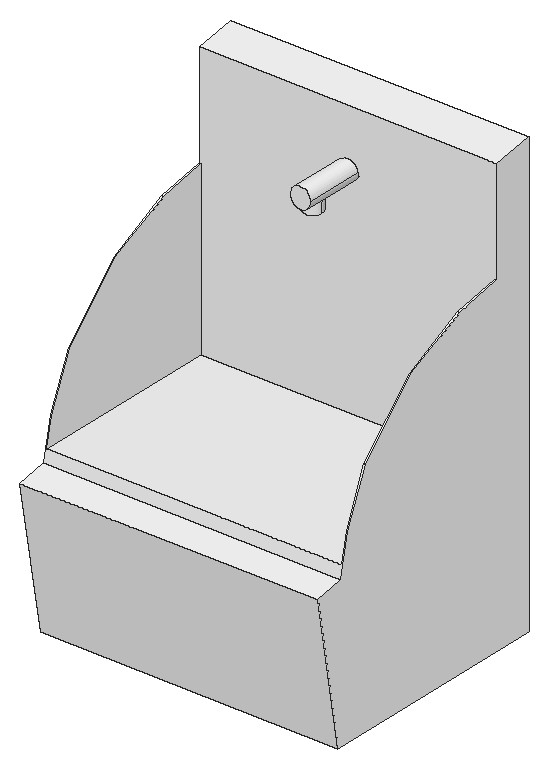
Revit family "NBS_DudleyIndustries_WshTrghs_WuduWashStation", category Generic Models, Revit 2016
Family settings
  Part Type = Normal
  Can host rebar = No
  Round Connector Dimension = Use Diameter
  OmniClass Number = 23.45.30.00
  OmniClass Title = Washing and Waste Disposal Equipment
  Work Plane-Based = No
  Always vertical = Yes
  Cut with Voids When Loaded = No
  Shared = No
  Room Calculation Point = No
Parameters
  WaterSupplyOverflowAndWasteHolesWaterSupply = "One tap in back positioned centrally"
  WaterSupplyOverflowAndWasteHolesWaste = "Central Outlet"
  WaterSupplyOverflowAndWasteHolesOverflow = "n/a"
  WarrantyStartDate [instance] = "1900-12-31T23:59:59"
  WarrantyGuarantorParts = "sales@dudleyindustries.com"
  WarrantyGuarantorLabor = "n/a"
  WarrantyDurationUnit = "year"
  WarrantyDurationParts = "1"
  WarrantyDurationLabor = "n/a"
  WarrantyDescription = "1 year warranty"
  Version = "2"  # constant formula
  Uniclass2015Version = "Products v1.7"
  Uniclass2015Title = "Wash troughs"
  Uniclass2015Code = "Pr_40_20_96_99"
  TroughTapMaterial = NBS_Concept
  TroughMaterial = NBS_Concept
  TapLength = 166.709 mm
  TagNumber [instance] = "n/a"
  SustainabilityPerformance = "n/a"
  Stations = "One"
  Size = "510 x 760 x 450 mm"
  SinkType = "Trough"
  SinkMounting = "Floor Mounted & Back to Wall"
  Shape = "n/a"
  SerialNumber [instance] = "n/a"
  Revision = "n/a"
  ReplacementCost = "n/a"
  ProductInformation = "www.dudleyindustries.com/wp-content/uploads/2017/08/Wudu_Wash_Station_Datasheet.pdf"
  NominalWidth = 510 mm  # constant formula
  NominalLength = 450 mm  # constant formula
  NominalHeight = 760 mm  # constant formula
  NominalDepth = NominalLength  # 450 mm
  Name = "WashTroughs_WuduWashStation_DudleyIndustries"
  NBSTypeID = "n/a"
  NBSReference = "45-35-70/370"
  NBSOfficeMasterTag = "n/a"
  NBSNote = "n/a"
  NBSDescription = "Wash troughs"
  NBSCertification = "www.nationalbimlibrary.com/cert/y02lzapm"
  ModelReference = "Wudu Wash Station"
  ModelNumber = "95000"
  MaterialsFinishColour = "204G Brushed"
  MaterialsBody = "304 Stainless Steel"
  Material = "304 Stainless steel"
  ManufacturerURL = "www.dudleyindustries.com/"
  ManufacturerName = "Dudley Industries"  # constant formula
  Manufacturer = "sales@dudleyindustries.com"
  IntegralAccessories = "Soap tray, Lift up hinged grid"
  InstallationDate [instance] = "1900-12-31T23:59:59"
  IfcExportType = "USERDEFINED"  # constant formula
  IfcExportAs = "IfcSanitaryTerminalType"  # constant formula
  Grade = "304 Stainless steel"
  Finish = "Brushed"
  Features = "Uses 90% less water, lower sides to provide clearance to enable easy arm movement, soap tray centrally located to avoid interference when washing arms, hinged foot grate for easy cleaning access, including sump and removable grate to improcmsve cleaning and reduce the risk of blockages, reaches an ambient temperature quickly, auto shut off water isolation valve"
  ExpectedLife = "5"
  EnvironmentalProductDeclaration = "Water saving tap"
  DurationUnit = "year"
  DrainSize = 0 mm
  Description = "Trough"
  Constituents = "n/a"
  Color = "Stainless steel, black or white powder coated"
  CodePerformance = "n/a"
  Category = "Pr_40_70_62_37:Hand driers"
  BarCode [instance] = "n/a"
  BIMObjectName = "NBS_DudleyIndustries_WashTroughs_WuduWashStation"
  Author = "NBS"  # constant formula
  AssetType = "Fixed"
  AssetIdentifier [instance] = "n/a"
  AccessibilityPerformance = "n/a"
Reference planes
  plane 1 "Center (Front/Back)": y = 0
  plane 2: z = 0
  plane 3 "Center (Left/Right)": x = 0
  plane 4: y = 225
  plane 5: x = -255
  plane 6: x = 255
  plane 7: y = -225
  plane 8: z = 760
  plane 9: through (4012.2, -212.93, 164.835) normal (0, 0.9848, 0.1736)
  plane 10: through (4012.2, -183.083, 254.713) normal (0, 0.1736, -0.9848)
  plane 11: through (4012.2, -176.704, 255.838) normal (0, -0.9781, 0.2079)
  plane 12: through (4012.2, -162.332, 323.455) normal (0, -0.9135, 0.4067)
  plane 13: through (4012.2, 152.851, 568.884) normal (0, 0.1736, -0.9848)
  plane 14: through (4012.2, 76.793, 555.473) normal (0, 0.4276, -0.904)
  plane 15: through (4012.2, -27.342, 506.211) normal (0, 0.7071, -0.7071)
  plane 16: y = 157.851
  plane 17: through (4012.2, 225, 760) normal (0, 0.1736, -0.9848)
  plane 18: x = -252.5
  plane 19: x = 252.5
  plane 20: z = 276.509
  plane 21: y = 58.291
  plane 22: through (4012.2, -183.865, 0) normal (0, -0.9848, -0.1736)
  plane 23: through (4012.2, -185.77, 254.24) normal (0, 0.2588, -0.9659)
  plane 24: through (4012.2, -176.704, 255.838) normal (0, -0.9703, 0.2419)
  plane 25: through (4012.2, -27.342, 506.211) normal (0, 0.7071, -0.7071)
  plane 26: through (4012.2, -27.342, 506.211) normal (0, -0.5, 0.866)
  plane 27: through (4012.2, 24.726, 530.842) normal (0, -0.309, 0.9511)
  plane 28: y = 157.851
  plane 29: z = 276.509
  plane 30: x = -19.688
  plane 31: x = 15.312
  plane 32: z = 639.939
  plane 33: z = 619.939
  plane 34: z = 666.784
  plane 35: y = 202.155
  plane 36: z = 631.784
Forms (mm)
  Extrusion 1, solid, material "NBS_Concept" <- "TroughMaterial", detail levels medium+fine
    sketch origin (-255, 0, 0) x (0, 1, 0) y (0, 0, 1)
      loop
        line (225, 0) -> (225, 760) -> (157.851, 748.16) -> (157.851, 569.766) -> (76.793, 555.473) -> (-27.342, 506.211) -> (-123.998, 409.555) -> (-162.332, 323.455) -> (-176.704, 255.838) -> (-227.4, 246.899) -> (-183.865, 0) -> (225, 0)
    from 0 to 510
  Extrusion 2, void, detail levels medium+fine
    sketch origin (0, 0, 0) x (1, 0, 0) y (0, 0, 1)
      loop
        line (-252.5, 569.766) -> (-252.5, 276.509) -> (252.5, 276.509) -> (252.5, 569.766) -> (-252.5, 569.766)
    from -157.851 to 250
  Extrusion 3, solid, material "NBS_Concept" <- "TroughMaterial", detail levels coarse
    sketch origin (-255, 0, 0) x (0, 1, 0) y (0, 0, 1)
      loop
        line (225, 0) -> (225, 760) -> (157.851, 760) -> (157.851, 574.097) -> (3.215, 523.853) -> (-27.342, 506.211) -> (-143.155, 390.398) -> (-176.482, 256.728) -> (-226.757, 243.257) -> (-183.865, 0) -> (225, 0)
    from 0 to 510
  Extrusion 4, void
    sketch origin (0, 0, 0) x (1, 0, 0) y (0, 0, 1)
      loop
        line (-252.5, 569.766) -> (-252.5, 276.509) -> (252.5, 276.509) -> (252.5, 569.766) -> (-252.5, 569.766)
    from -157.851 to 250
  Extrusion 5, solid, material "NBS_Concept" <- "TroughTapMaterial", detail levels medium+fine
    sketch origin (0, 10.625, 619.939) x (1, 0, 0) y (0, 1, 0)
      loop
        circle (-2.283, 73.501) r 16
    from 0 to 20
  Extrusion 6, solid, material "NBS_Concept" <- "TroughTapMaterial"
    sketch origin (-2.188, 225, -25) x (1, 0, 0) y (0, 0, 1)
      loop
        circle (0, 674.139) r 17.5
    from 0 to 166.709
Cuts and joins
  Extrusion 4 cuts Extrusion 3
  Extrusion 2, Extrusion 4 cuts Extrusion 1
Lines and regions (mm)
  symbolic lines, detail levels fine
    curve 1: line (-145.808, 126.302, 0) -> (-103.09, 126.302, 0)
    curve 2: line (-145.808, 121.047, 0) -> (-145.808, 126.302, 0)
    curve 3: line (-103.09, 121.047, 0) -> (-145.808, 121.047, 0)
    curve 4: line (-103.09, 126.302, 0) -> (-103.09, 121.047, 0)
    curve 5: line (-160.915, 94.788, 0) -> (-84.747, 94.788, 0)
    curve 6: line (-160.915, 89.533, 0) -> (-160.915, 94.788, 0)
    curve 7: line (-84.747, 89.533, 0) -> (-160.915, 89.533, 0)
    curve 8: line (-84.747, 94.788, 0) -> (-84.747, 89.533, 0)
    curve 9: line (-172.603, 63.274, 0) -> (-77.726, 63.274, 0)
    curve 10: line (-172.603, 58.291, 0) -> (-172.603, 63.274, 0)
    curve 11: line (-77.726, 58.291, 0) -> (-172.603, 58.291, 0)
    curve 12: line (-77.726, 63.274, 0) -> (-77.726, 58.291, 0)
    curve 13: line (-175.661, 31.76, 0) -> (-81.731, 31.76, 0)
    curve 14: line (-175.661, 26.506, 0) -> (-175.661, 31.76, 0)
    curve 15: line (-81.731, 26.506, 0) -> (-175.661, 26.506, 0)
    curve 16: line (-81.731, 31.76, 0) -> (-81.731, 26.506, 0)
    curve 17: line (-173.361, 0, 0) -> (-91.383, 0, 0)
    curve 18: line (-173.361, -5.008, 0) -> (-173.361, 0, 0)
    curve 19: line (-91.383, -5.008, 0) -> (-173.361, -5.008, 0)
    curve 20: line (-91.383, 0, 0) -> (-91.383, -5.008, 0)
    curve 21: line (-163.126, -31.268, 0) -> (-93.993, -31.268, 0)
    curve 22: line (-163.126, -36.522, 0) -> (-163.126, -31.268, 0)
    curve 23: line (-93.993, -36.522, 0) -> (-163.126, -36.522, 0)
    curve 24: line (-93.993, -31.268, 0) -> (-93.993, -36.522, 0)
    curve 25: line (-159.935, -62.781, 0) -> (-89.925, -62.781, 0)
    curve 26: line (-159.935, -68.036, 0) -> (-159.935, -62.781, 0)
    curve 27: line (-89.925, -68.036, 0) -> (-159.935, -68.036, 0)
    curve 28: line (-89.925, -62.781, 0) -> (-89.925, -68.036, 0)
    curve 29: line (-164.291, -94.295, 0) -> (-86.2, -94.295, 0)
    curve 30: line (-164.291, -99.55, 0) -> (-164.291, -94.295, 0)
    curve 31: line (-86.2, -99.55, 0) -> (-164.291, -99.55, 0)
    curve 32: line (-86.2, -94.295, 0) -> (-86.2, -99.55, 0)
    curve 33: line (-145.232, -125.809, 0) -> (-105.425, -125.809, 0)
    curve 34: line (-145.232, -131.064, 0) -> (-145.232, -125.809, 0)
    curve 35: line (-105.425, -131.064, 0) -> (-145.232, -131.064, 0)
    curve 36: line (-105.425, -125.809, 0) -> (-105.425, -131.064, 0)
    curve 37: circle (-92.13, 109.154, 0) r 2.795 normal (0, 0, 1)
    curve 38: circle (-155.526, 108.089, 0) r 2.687 normal (0, 0, 1)
    curve 39: circle (-168.827, 77.683, 0) r 2.682 normal (0, 0, 1)
    curve 40: circle (-80.082, 77.486, 0) r 2.682 normal (0, 0, 1)
    curve 41: circle (-174.92, 46.137, 0) r 2.563 normal (0, 0, 1)
    curve 42: circle (-77.711, 46.071, 0) r 2.629 normal (0, 0, 1)
    curve 43: circle (-87.452, 14.665, 0) r 2.712 normal (0, 0, 1)
    curve 44: circle (-174.828, 14.58, 0) r 2.644 normal (0, 0, 1)
    curve 45: circle (-168.879, -16.884, 0) r 2.908 normal (0, 0, 1)
    curve 46: circle (-93.526, -17.016, 0) r 2.644 normal (0, 0, 1)
    curve 47: circle (-159.096, -48.527, 0) r 2.618 normal (0, 0, 1)
    curve 48: circle (-92.715, -48.414, 0) r 2.695 normal (0, 0, 1)
    curve 49: circle (-164.86, -79.88, 0) r 2.791 normal (0, 0, 1)
    curve 50: circle (-85.674, -79.88, 0) r 2.637 normal (0, 0, 1)
    curve 51: circle (-156.448, -111.512, 0) r 2.766 normal (0, 0, 1)
    curve 52: circle (-94.038, -111.65, 0) r 2.424 normal (0, 0, 1)
    curve 53: line (140.808, 126.302, 0) -> (98.09, 126.302, 0)
    curve 54: line (140.808, 121.047, 0) -> (140.808, 126.302, 0)
    curve 55: line (98.09, 121.047, 0) -> (140.808, 121.047, 0)
    curve 56: line (98.09, 126.302, 0) -> (98.09, 121.047, 0)
    curve 57: line (155.915, 94.788, 0) -> (79.747, 94.788, 0)
    curve 58: line (155.915, 89.533, 0) -> (155.915, 94.788, 0)
    curve 59: line (79.747, 89.533, 0) -> (155.915, 89.533, 0)
    curve 60: line (79.747, 94.788, 0) -> (79.747, 89.533, 0)
    curve 61: line (167.603, 63.274, 0) -> (72.726, 63.274, 0)
    curve 62: line (167.603, 58.291, 0) -> (167.603, 63.274, 0)
    curve 63: line (72.726, 58.291, 0) -> (167.603, 58.291, 0)
    curve 64: line (72.726, 63.274, 0) -> (72.726, 58.291, 0)
    curve 65: line (170.661, 31.76, 0) -> (76.731, 31.76, 0)
    curve 66: line (170.661, 26.506, 0) -> (170.661, 31.76, 0)
    curve 67: line (76.731, 26.506, 0) -> (170.661, 26.506, 0)
    curve 68: line (76.731, 31.76, 0) -> (76.731, 26.506, 0)
    curve 69: line (168.361, 0, 0) -> (86.383, 0, 0)
    curve 70: line (168.361, -5.008, 0) -> (168.361, 0, 0)
    curve 71: line (86.383, -5.008, 0) -> (168.361, -5.008, 0)
    curve 72: line (86.383, 0, 0) -> (86.383, -5.008, 0)
    curve 73: line (158.126, -31.268, 0) -> (88.993, -31.268, 0)
    curve 74: line (158.126, -36.522, 0) -> (158.126, -31.268, 0)
    curve 75: line (88.993, -36.522, 0) -> (158.126, -36.522, 0)
    curve 76: line (88.993, -31.268, 0) -> (88.993, -36.522, 0)
    curve 77: line (154.935, -62.781, 0) -> (84.925, -62.781, 0)
    curve 78: line (154.935, -68.036, 0) -> (154.935, -62.781, 0)
    curve 79: line (84.925, -68.036, 0) -> (154.935, -68.036, 0)
    curve 80: line (84.925, -62.781, 0) -> (84.925, -68.036, 0)
    curve 81: line (159.291, -94.295, 0) -> (81.2, -94.295, 0)
    curve 82: line (159.291, -99.55, 0) -> (159.291, -94.295, 0)
    curve 83: line (81.2, -99.55, 0) -> (159.291, -99.55, 0)
    curve 84: line (81.2, -94.295, 0) -> (81.2, -99.55, 0)
    curve 85: line (140.232, -125.809, 0) -> (100.425, -125.809, 0)
    curve 86: line (140.232, -131.064, 0) -> (140.232, -125.809, 0)
    curve 87: line (100.425, -131.064, 0) -> (140.232, -131.064, 0)
    curve 88: line (100.425, -125.809, 0) -> (100.425, -131.064, 0)
    curve 89: circle (87.13, 109.154, 0) r 2.795 normal (0, 0, -1)
    curve 90: circle (150.526, 108.089, 0) r 2.687 normal (0, 0, -1)
    curve 91: circle (163.827, 77.683, 0) r 2.682 normal (0, 0, -1)
    curve 92: circle (75.082, 77.486, 0) r 2.682 normal (0, 0, -1)
    curve 93: circle (169.92, 46.137, 0) r 2.563 normal (0, 0, -1)
    curve 94: circle (72.711, 46.071, 0) r 2.629 normal (0, 0, -1)
    curve 95: circle (82.452, 14.665, 0) r 2.712 normal (0, 0, -1)
    curve 96: circle (169.828, 14.58, 0) r 2.644 normal (0, 0, -1)
    curve 97: circle (163.879, -16.884, 0) r 2.908 normal (0, 0, -1)
    curve 98: circle (88.526, -17.016, 0) r 2.644 normal (0, 0, -1)
    curve 99: circle (154.096, -48.527, 0) r 2.618 normal (0, 0, -1)
    curve 100: circle (87.715, -48.414, 0) r 2.695 normal (0, 0, -1)
    curve 101: circle (159.86, -79.88, 0) r 2.791 normal (0, 0, -1)
    curve 102: circle (80.674, -79.88, 0) r 2.637 normal (0, 0, -1)
    curve 103: circle (151.448, -111.512, 0) r 2.766 normal (0, 0, -1)
    curve 104: circle (89.038, -111.65, 0) r 2.424 normal (0, 0, -1)
Dimensions and locks
  equal spacing: plane 5, plane 3 "Center (Left/Right)", plane 6
  "NominalWidth": plane 5 to plane 6
  equal spacing: plane 7, plane 1 "Center (Front/Back)", plane 4
  "NominalLength": plane 7 to plane 4
  "NominalHeight": plane 8 to plane 2
  locked: plane 6 to plane 19 at 2.5
  locked: plane 18 to plane 5 at 2.5
  "TapLength": plane 21 to plane 4
  locked: plane 33 to plane 32 at 20
  aligned and locked: level to plane 2
  aligned and locked: Extrusion 1 sketch curve to plane 17
  aligned and locked: Extrusion 1 sketch curve to plane 16
  aligned and locked: Extrusion 1 sketch curve to plane 15
  aligned and locked: Extrusion 1 sketch curve to plane 11
  aligned and locked: Extrusion 1 sketch curve to plane 14
  aligned and locked: Extrusion 1 sketch curve to plane 12
  aligned and locked: Extrusion 1 sketch curve to plane 9
  aligned and locked: Extrusion 1 sketch curve to plane 10
  aligned and locked: Extrusion 1 to plane 5
  aligned and locked: plane 6 to Extrusion 1
  aligned and locked: Extrusion 2 to Extrusion 1
  aligned and locked: Extrusion 2 sketch curve to plane 20
  aligned and locked: plane 6 to Extrusion 3
  aligned and locked: Extrusion 3 to plane 5
  aligned and locked: Extrusion 5 to plane 32
Automatic sketch dimensions
  Extrusion 1 sketch curve to level = 0 mm
  plane 13 to Extrusion 1 sketch curve = 0 mm  (x2)
  Extrusion 1 sketch curve to plane 4 = 0 mm
  Extrusion 2 sketch curve to plane 18 = 0 mm
  Extrusion 2 sketch curve to plane 19 = 0 mm
  plane 33 to Extrusion 2 sketch curve = 50.173 mm
  plane 22 to Extrusion 3 sketch curve = 0 mm  (x2)
  plane 23 to Extrusion 3 sketch curve = 0 mm  (x2)
  Extrusion 3 sketch curve to level = 0 mm
  Extrusion 3 sketch curve to plane 24 = 0 mm  (x2)
  plane 25 to Extrusion 3 sketch curve = 0 mm  (x2)
  Extrusion 3 sketch curve to plane 26 = 0 mm  (x2)
  Extrusion 3 sketch curve to plane 27 = 0 mm  (x2)
  Extrusion 3 sketch curve to plane 28 = 0 mm
  Extrusion 3 sketch curve to plane 4 = 0 mm
  Extrusion 3 sketch curve to plane 8 = 0 mm
  Extrusion 4 sketch curve to plane 18 = 0 mm
  Extrusion 4 sketch curve to plane 19 = 0 mm
  Extrusion 4 sketch curve to plane 29 = 0 mm
  plane 33 to Extrusion 4 sketch curve = 50.173 mm
  Extrusion 5 sketch curve to plane 3 "Center (Left/Right)" = 2.283 mm
  Extrusion 5 sketch curve to plane 21 = 25.835 mm
  plane 1 "Center (Front/Back)" to curve 18 = 0 mm
  plane 21 to curve 10 = 0 mm
  plane 21 to curve 63 = 0 mm
  plane 1 "Center (Front/Back)" to curve 69 = 0 mm
  curve 14 to plane 1 "Center (Front/Back)" = 26.506 mm
  plane 18 to curve 14 = 76.839 mm
  curve 13 to curve 41 = 0.741 mm
  curve 14 to curve 44 = 0.833 mm
  plane 1 "Center (Front/Back)" to curve 19 = 5.008 mm
  curve 44 to curve 19 = 1.467 mm
  curve 41 to curve 10 = 2.317 mm
  curve 18 to curve 45 = 4.482 mm
  curve 9 to curve 39 = 3.776 mm
  curve 45 to curve 49 = 4.019 mm
  curve 49 to curve 31 = 0.57 mm
  curve 45 to curve 21 = 5.753 mm
  curve 39 to curve 7 = 7.913 mm
  curve 49 to curve 27 = 4.926 mm
  curve 22 to curve 47 = 4.029 mm
  curve 30 to curve 51 = 7.842 mm
  curve 5 to curve 38 = 5.389 mm
  curve 38 to curve 2 = 9.718 mm
  curve 51 to curve 34 = 11.216 mm
  curve 33 to curve 33 = 39.807 mm
  curve 2 to curve 3 = 42.718 mm
  curve 33 to curve 52 = 11.387 mm
  curve 47 to curve 23 = 65.104 mm
  curve 21 to curve 46 = 0.466 mm
  curve 23 to curve 48 = 1.278 mm
  curve 3 to curve 37 = 10.96 mm
  curve 46 to curve 17 = 2.143 mm
  curve 48 to curve 28 = 2.79 mm
  curve 17 to curve 43 = 3.931 mm
  curve 52 to curve 29 = 7.837 mm
  curve 27 to curve 50 = 4.251 mm
  curve 37 to curve 5 = 7.383 mm
  curve 43 to curve 13 = 5.721 mm
  curve 7 to curve 40 = 4.664 mm
  curve 40 to curve 11 = 2.356 mm
  curve 11 to curve 42 = 0.015 mm
  plane 21 to curve 94 = 12.22 mm
  plane 31 to curve 94 = 57.399 mm
  curve 94 to curve 63 = 0.015 mm
  curve 61 to curve 92 = 2.356 mm
  curve 94 to curve 65 = 4.02 mm
  curve 92 to curve 60 = 4.664 mm
  plane 31 to curve 102 = 65.362 mm
  curve 102 to curve 83 = 0.526 mm
  curve 67 to curve 95 = 5.721 mm
  curve 102 to curve 77 = 4.251 mm
  curve 95 to curve 69 = 3.931 mm
  curve 57 to curve 89 = 7.383 mm
  curve 77 to curve 100 = 2.79 mm
  curve 71 to curve 98 = 2.143 mm
  curve 98 to curve 76 = 0.466 mm
  curve 83 to curve 104 = 7.837 mm
  curve 89 to curve 56 = 10.96 mm
  curve 104 to curve 87 = 11.387 mm
  curve 85 to curve 86 = 39.807 mm
  curve 53 to curve 54 = 42.718 mm
  curve 54 to curve 90 = 9.718 mm
  curve 85 to curve 103 = 11.216 mm
  curve 103 to curve 99 = 2.648 mm
  curve 99 to curve 78 = 0.838 mm
  curve 90 to curve 59 = 5.389 mm
  curve 99 to curve 75 = 4.029 mm
  curve 103 to curve 81 = 7.842 mm
  curve 78 to curve 101 = 4.926 mm
  curve 58 to curve 91 = 7.913 mm
  curve 73 to curve 97 = 5.753 mm
  curve 61 to plane 21 = 4.983 mm
  curve 91 to curve 61 = 3.776 mm
  curve 97 to curve 69 = 4.482 mm
  curve 69 to curve 96 = 1.467 mm
  curve 62 to curve 93 = 2.317 mm
  curve 96 to curve 66 = 0.833 mm
  plane 1 "Center (Front/Back)" to curve 71 = 5.008 mm
  curve 45 to curve 18 = 11.875 mm
  curve 97 to curve 70 = 11.875 mm
  curve 46 to curve 19 = 12.008 mm
  curve 98 to curve 71 = 12.008 mm
  curve 22 to curve 45 = 14.384 mm
  curve 73 to curve 97 = 14.384 mm
  curve 22 to curve 21 = 5.254 mm
  curve 75 to curve 73 = 5.254 mm
  curve 100 to curve 75 = 11.892 mm
  curve 48 to curve 23 = 11.892 mm
  curve 47 to curve 22 = 12.005 mm
  curve 99 to curve 74 = 12.005 mm
  curve 25 to curve 47 = 14.254 mm
  curve 77 to curve 100 = 14.368 mm
  curve 26 to curve 25 = 5.254 mm
  curve 78 to curve 77 = 5.254 mm
  curve 101 to curve 78 = 11.844 mm
  curve 102 to curve 79 = 11.844 mm
  curve 49 to curve 26 = 11.844 mm
  curve 50 to curve 27 = 11.844 mm
  curve 29 to curve 49 = 14.416 mm
  curve 82 to curve 101 = 14.416 mm
  curve 84 to curve 81 = 5.254 mm
  curve 30 to curve 29 = 5.254 mm
  curve 103 to curve 82 = 11.962 mm
  curve 51 to curve 30 = 11.962 mm
  curve 104 to curve 83 = 12.101 mm
  curve 52 to curve 31 = 12.101 mm
  curve 33 to curve 52 = 14.159 mm
  curve 85 to curve 104 = 14.159 mm
  curve 35 to curve 33 = 5.254 mm
  curve 86 to curve 85 = 5.254 mm
  curve 44 to curve 14 = 11.926 mm
  curve 96 to plane 1 "Center (Front/Back)" = 14.58 mm
  curve 43 to curve 15 = 11.841 mm
  curve 95 to plane 1 "Center (Front/Back)" = 14.665 mm
  curve 96 to curve 67 = 11.926 mm
  curve 14 to curve 13 = 5.254 mm
  curve 66 to curve 65 = 5.254 mm
  plane 21 to curve 42 = 12.22 mm
  plane 21 to curve 41 = 12.155 mm
  plane 21 to curve 93 = 12.155 mm
  curve 10 to curve 9 = 4.983 mm
  curve 61 to curve 92 = 14.212 mm
  curve 9 to curve 40 = 14.212 mm
  curve 9 to curve 39 = 14.409 mm
  curve 61 to curve 91 = 14.409 mm
  curve 39 to curve 6 = 11.85 mm
  curve 92 to curve 59 = 12.048 mm
  curve 7 to curve 8 = 5.254 mm
  curve 58 to curve 57 = 5.254 mm
  curve 57 to curve 90 = 13.301 mm
  curve 5 to curve 38 = 13.301 mm
  curve 5 to curve 37 = 14.366 mm
  curve 57 to curve 89 = 14.366 mm
  curve 37 to curve 3 = 11.894 mm
  curve 90 to curve 55 = 12.958 mm
  curve 54 to curve 54 = 5.254 mm
  curve 2 to curve 2 = 5.254 mm
  Extrusion 6 sketch curve to plane 3 "Center (Left/Right)" = 2.188 mm
  Extrusion 6 sketch curve to plane 32 = 9.2 mm
  radius of Extrusion 5 sketch curve = 16 mm
  radius of curve 37 = 2.795 mm
  radius of curve 38 = 2.687 mm
  radius of curve 39 = 2.682 mm
  radius of curve 40 = 2.682 mm
  radius of curve 41 = 2.563 mm
  radius of curve 42 = 2.629 mm
  radius of curve 43 = 2.712 mm
  radius of curve 44 = 2.644 mm
  radius of curve 45 = 2.908 mm
  radius of curve 46 = 2.644 mm
  radius of curve 47 = 2.618 mm
  radius of curve 48 = 2.695 mm
  radius of curve 49 = 2.791 mm
  radius of curve 50 = 2.637 mm
  radius of curve 51 = 2.766 mm
  radius of curve 52 = 2.424 mm
  radius of curve 89 = 2.795 mm
  radius of curve 90 = 2.687 mm
  radius of curve 91 = 2.682 mm
  radius of curve 92 = 2.682 mm
  radius of curve 93 = 2.563 mm
  radius of curve 94 = 2.629 mm
  radius of curve 95 = 2.712 mm
  radius of curve 96 = 2.644 mm
  radius of curve 97 = 2.908 mm
  radius of curve 98 = 2.644 mm
  radius of curve 99 = 2.618 mm
  radius of curve 100 = 2.695 mm
  radius of curve 101 = 2.791 mm
  radius of curve 102 = 2.637 mm
  radius of curve 103 = 2.766 mm
  radius of curve 104 = 2.424 mm
  radius of Extrusion 6 sketch curve = 17.5 mm
